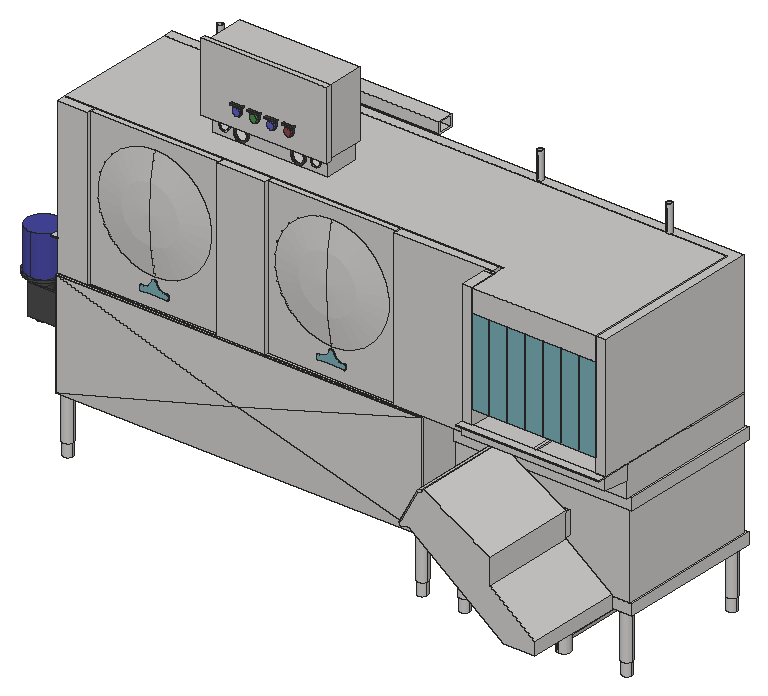
Revit family (continued)
Definition of nested family "QF_Stero_ER-94SC_R-L_E_EX"
  Parameters (values of type "Nested")
    Watermarked By = "http://revitwatermark.com"
    Ventilation Remarks [instance] = ""
    Type Comments = "⍁⍉⌁⌀⏭⎽⌇⍠⌜⍉⎖⌥⌦⌯⍭⏊⍻⍿⍊⏵⍊⏗⏠⍴⎡⌈⎀⍠⌓⌤⏘⎐⍀⌐⏬⏁⎈⏍⏦⎒⏬⌝⍩⍇⌣〈⎫〉⎁⏊⍥⍖⍥⍝⍦⌖⍀⏌⏭⎝⎼⏷⏞⍻⏯⎽⏷⏞⍻⏯⎽⏷⎺⌻⎝⍎⌧⏷⏟⏿⌿⍜⍦⍤⌁⍬⏶⏎⍊⏚⏉⎞⌡⎀⎪⏈⌟⌿⍾⍼⌟⌿⌢⏮⏝⏝⏛⎽⎻⎷⎳⎻⎗⌾⍼⎴⏿⏰⏑⏮⍮⍺⏼⏅⎏⌽⌻⍽⎝⍮⎧⎯⏛⎼⎮⍾⏬⏇⏎⏳⏦⏠⎧⎳⍷⏿⌏"
    Item Number [instance] = "-"
    Exhaust Volume [instance] = 0 CFM
    Exhaust Vent Width [instance] = 1' - 4"
    Exhaust Vent Depth [instance] = 0' - 4"
    Exhaust Static Press [instance] = 0.00 in-wg
    Exhaust RI Height [instance] = 0' - 0"
    Description = ""
    Assembly Code = ""
  Reference planes (in)
    plane 1 "Center (Back)": y = 0
    plane 2: z = 0
    plane 3 "Center (Left)": x = 0
    plane 4: x = 16
    plane 5: y = -4
  Lines and regions (in)
    symbolic lines, style "QF_Multiple Utilities"
      curve 1: line (0, 0, 0) -> (16, 0, 0)
      curve 2: line (0, -4, 0) -> (0, 0, 0)
      curve 3: line (16, -4, 0) -> (0, -4, 0)
      curve 4: line (16, 0, 0) -> (16, -4, 0)
      curve 5: line (16, 0, 0) -> (0, -4, 0)
      curve 6: line (0, 0, 0) -> (16, -4, 0)
  Dimensions and locks (in)
    "Exhaust Vent Width": plane 3 "Center (Left)" to plane 4
    "Exhaust Vent Depth": plane 1 "Center (Back)" to plane 5
    aligned and locked: level to plane 2
    aligned and locked: plane 1 "Center (Back)" to curve 1
    aligned and locked: plane 3 "Center (Left)" to curve 2
    aligned and locked: curve 3 to plane 5
    aligned and locked: curve 4 to plane 4
Types (3): name | Watermarked By | Volts | FL Amps | Apparent Power
  (no name) | "" | 208 V | 83.6 A | 30082.6 VA
  208/60/3 | "http://revitwatermark.com" | 208 V | 83.6 A | 30082.6 VA
  480/60/3 | "" | 480 V | 37.9 A | 31472.2 VA
